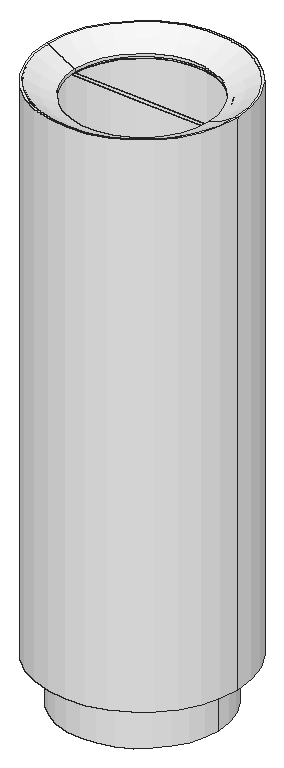
Revit family "MC10LED", category Lighting Fixtures, host Face, Revit 2021
Family settings
  Host = Face
  Round Connector Dimension = Use Diameter
  Part Type = Normal
  OmniClass Number = 23.80.70.11.14.11
  OmniClass Title = Downlights
  Cut with Voids When Loaded = No
  Light Source = Yes
  Shared = No
  Room Calculation Point = No
Parameters (values of type "MC10LED - 30 Inch Housing")
  Wattage Comments = "40W"
  Wattage = 40 W
  built-in parameter 1150110 = 1 (stored number, unit not read)
  Voltage = if(Is 120V, 120 V, 277 V)  # 120 V
  URL = "https://www.currentlighting.com/prescolite"
  built-in parameter 1114217 = 1 (stored number, unit not read)
  Tilt Angle = -90.00°
  built-in parameter 1150109 = 1 (stored number, unit not read)
  built-in parameter 1150134 = (empty or 0)
  built-in parameter 1150113 = 1 (stored number, unit not read)
  Product Page URL = ""
  Product Documentation Link = ""
  Photometric Web File = "generic"
  built-in parameter 1150142 = (empty or 0)
  Model = "MC10LED"  # constant formula
  Manufacturer Phone = ""
  Manufacturer Fax = ""
  Manufacturer = "Prescolite"  # constant formula
  built-in parameter 1150105 = 477.46 (stored number, unit not read)
  Lumens = 6000 lm
  built-in parameter 1150115 = 1 (stored number, unit not read)
  Load Classification = Lighting
  built-in parameter 1150137 = (empty or 0)
  built-in parameter 1150139 = (empty or 0)
  built-in parameter 1150112 = 1 (stored number, unit not read)
  built-in parameter 1150114 = 1 (stored number, unit not read)
  Lamp = "LED Lamp"
  Is 277V = not(Is 120V)  # no
  Is 120V = yes
  built-in parameter 1150132 = 1
  built-in parameter 1150102 = (empty or 0)
  built-in parameter 1150107 = 3500 (stored number, unit not read)
  built-in parameter 1150138 = (empty or 0)
  built-in parameter 1150106 = 4.7746 (stored number, unit not read)
  Glass = White Glass
  Emit from Circle Diameter = 8.000"
  Emit Shape Visible in Rendering = no
  built-in parameter 1150104 = 13.935 (stored number, unit not read)
  Dimming Lamp Color Temperature Shift = <None>
  Description = "10 Inch High Lumen LED Cylinder"  # constant formula
  Default Elevation = 48.000"
  Housing = 26.750"
  Color Filter = 16777215
  built-in parameter 1114218 = 1 (stored number, unit not read)
  Backbox = Matt White
  built-in parameter 1150133 = 10 (stored number, unit not read)
  Apparent Load = 40 VA
Types (2): name | built-in parameter 1150105 | Lumens | built-in parameter 1150106 | built-in parameter 1150104 | Housing | Backbox
  MC10LED - 26 Inch Housing | 716.2 (stored number, unit not read) | 9000 lm | 7.162 (stored number, unit not read) | 20.903 (stored number, unit not read) | 23.500" | Matt Black
  MC10LED - 30 Inch Housing | 477.46 (stored number, unit not read) | 6000 lm | 4.7746 (stored number, unit not read) | 13.935 (stored number, unit not read) | 26.750" | Matt White
Reference planes (in)
  plane 1 "Center (Front/Back)": y = 0.03999
  plane 2: z = 0
  plane 3 "Center (Left/Right)": x = -13.37583
  plane 4: z = 2.25
  plane 5: x = -8.37583
  plane 6: x = -18.37583
  plane 7: x = -16.87583
  plane 8: x = -9.87583
  plane 9: z = 29
  plane 10: z = 2.69229
  plane 11: z = 2.77892
  plane 12: x = -13.62583
  plane 13: x = -18.27583
  plane 14: z = 28.17035
  plane 15: z = 28.27035
  plane 16: x = -17.13227
  plane 17: x = -17.03227
  plane 18: x = -17.03227
  plane 19: z = 28.12716
  plane 20: z = 27.96601
  plane 21: x = -17.37583
Forms (in)
  Revolve 1, solid, material "Matt White" <- "Backbox"
    sketch origin (0, 0.03999, 0) x (1, 0, 0) y (0, 0, 1)
      loop
        line (-18.37583, 29) -> (-18.37583, 2.25) -> (-18.17104, 2.25) -> (-18.17104, 2.52373)
        arc (-18.17104, 2.52373) -> (-18.12167, 2.64292) -> (-18.00248, 2.69229) r 0.16856
        line (-18.00248, 2.69229) -> (-13.62583, 2.69229) -> (-13.62583, 2.25) -> (-16.87583, 2.25)
        arc (-16.87583, 2.25) -> (-17.22939, 2.10355) -> (-17.37583, 1.75) r 0.5
        line (-17.37583, 1.75) -> (-17.37583, 0) -> (-13.37583, 0) -> (-13.37583, 2.77892) -> (-18.27583, 2.77892) -> (-18.27583, 28.92211)
        arc (-18.27583, 28.92211) -> (-17.65735, 28.56608) -> (-17.00787, 28.27035) r 7.51164
        line (-17.00787, 28.27035) -> (-17.13227, 28.27035) -> (-17.13227, 28.00201) -> (-17.03227, 28.00201) -> (-17.03227, 28.17035) -> (-16.87583, 28.17035) -> (-16.87583, 28.28985)
        arc (-16.87583, 28.28985) -> (-17.59396, 28.60798) -> (-18.27457, 29) r 7.44549
        line (-18.27457, 29) -> (-18.37583, 29)
      axis (-13.37583, 29) -> (-13.37583, 0)
    angle from 0 to 360
  Revolve 2, solid, material "White Glass" <- "Glass"
    sketch origin (0, 0.03999, 0) x (1, 0, 0) y (0, 0, 1)
      loop
        line (-17.03227, 27.96601) -> (-13.37583, 27.96601) -> (-13.37583, 28.12716) -> (-17.03227, 28.12716) -> (-17.03227, 27.96601)
      axis (-13.37583, 28.12716) -> (-13.37583, 27.96601)
    angle from 0 to 360
Lines and regions (in)
  reference lines
    curve 1: line (-18.27583, 0.03999, 28.77135) -> (-18.27583, 0.03999, 2.77892)
    curve 2: line (-18.19215, 0.03999, 2.25) -> (-18.19215, 0.03999, 2.5)
Dimensions and locks (in)
  equal spacing: plane 6, plane 3 "Center (Left/Right)", plane 5
  locked: plane 6 to plane 5 at 10
  equal spacing: plane 8, plane 3 "Center (Left/Right)", plane 7
  locked: plane 4 to plane 2 at 2.25
  "Housing": plane 9 to plane 4
  locked: plane 6 to plane 7 at 1.5
  locked: plane 10 to plane 4 at 0.44229
  locked: plane 16 to plane 13 at 1.14357
  locked: plane 11 to plane 10 at 0.08663
  locked: Revolve 1 sketch curve to plane 12 at 0.25
  locked: plane 17 to plane 16 at 0.1
  locked: plane 9 to plane 15 at 0.72965
  locked: plane 15 to plane 14 at 0.1
  locked: plane 9 to imposter light at 3.34985
  locked: plane 6 to plane 21 at 1
  locked: Revolve 1 sketch curve to Revolve 1 sketch curve at 0.20479
  locked: plane 20 to plane 19 at 0.16115
  locked: plane 19 to plane 9 at 0.87284
  aligned and locked: host face to plane 2
  aligned and locked: level to host face
  aligned and locked: plane 4 to Revolve 1 sketch curve
  aligned and locked: plane 6 to Revolve 1 sketch curve
  aligned and locked: Revolve 1 sketch curve to plane 3 "Center (Left/Right)"
  aligned and locked: Revolve 2 sketch curve to plane 3 "Center (Left/Right)"  (x2)
  aligned and locked: plane 3 "Center (Left/Right)" to imposter light
  aligned and locked: imposter light to plane 1 "Center (Front/Back)"
  aligned and locked: Revolve 1 sketch curve to plane 2
  aligned and locked: Revolve 1 sketch curve to plane 9
  aligned and locked: Revolve 1 sketch curve to plane 10
  aligned and locked: Revolve 1 sketch curve to plane 11
  aligned and locked: Revolve 1 sketch curve to plane 12
  aligned and locked: Revolve 1 sketch curve to plane 13
  aligned and locked: plane 14 to Revolve 1 sketch curve
  aligned and locked: plane 15 to Revolve 1 sketch curve
  aligned and locked: plane 16 to Revolve 1 sketch curve
  aligned and locked: plane 17 to Revolve 1 sketch curve
  aligned and locked: plane 18 to Revolve 2 sketch curve
  aligned and locked: plane 19 to Revolve 2 sketch curve
  aligned and locked: plane 20 to Revolve 2 sketch curve
  aligned and locked: Revolve 1 sketch curve to plane 21
  aligned and locked: Revolve 1 sketch curve to Revolve 1 sketch curve
Automatic sketch dimensions
  host sketch curve to host sketch curve = 96.000"  (x2)
  curve 2 to plane 4 = 0.000"
  curve 1 to plane 6 = 0.100"
  curve 2 to plane 6 = 0.18369"
  curve 2 to curve 2 = 0.250"
  curve 2 to curve 1 = 0.27892"
  curve 1 to plane 9 = 0.22865"
  Revolve 2 sketch curve to plane 9 = 2.46375"
  Revolve 2 sketch curve to plane 9 = 1.125"
  Revolve 1 sketch curve to Revolve 1 sketch curve = 0.000"  (x2)
  Revolve 1 sketch curve to plane 7 = 0.000"  (x2)
  plane 13 to Revolve 1 sketch curve = 0.00126"
  Revolve 1 sketch curve to Revolve 1 sketch curve = 0.16856"
  plane 17 to Revolve 1 sketch curve = 0.0244"
  Revolve 1 sketch curve to plane 12 = 0.59752"
  Revolve 1 sketch curve to Revolve 1 sketch curve = 0.99668"
  Revolve 1 sketch curve to plane 14 = 0.16835"
  Revolve 1 sketch curve to Revolve 1 sketch curve = 0.11949"
  Revolve 1 sketch curve to Revolve 1 sketch curve = 0.38249"
Connectors (in)
  electrical at (-13.37583, 0.03999, 0), driven by "Load Classification", driven by "Voltage", driven by "Apparent Load"
    settings: on Revolve 1, index 1, voltage 120 V, apparent load 40 VA, apparent load phase1 0 VA, apparent load phase2 0 VA, apparent load phase3 0 VA, power factor 1, load classification "Lighting", number of poles 1, system type 30, power factor state 1, is connector primary yes, connector utility no, sub classification motor no, connector description "Lighting Connector"
